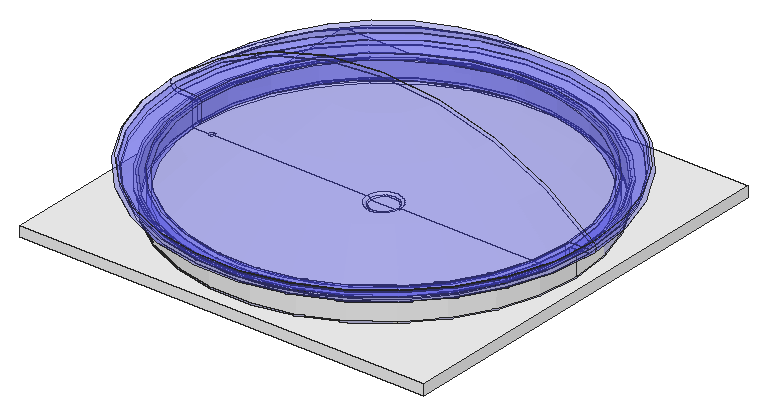
Revit family "BE_50020P_de_DE", category Leuchten, Revit 2020
Family settings
  Basisbauteil = Fläche
  Bemaßung runder Anschluss = Durchmesser verwenden
  Teiletyp = Normal
  Beim Laden mit Abzugskörper schneiden = Ja
  Lichtquelle = Ja
  Gemeinsam genutzt = Nein
  Raumberechnungspunkt = Ja
Parameters (values of type "BEGA_50020P_K3")
  built-in parameter 1150104 = 11.669 (stored number, unit not read)
  Wattage = 43.5 W
  Default Elevation = 0 mm
  built-in parameter 1150113 = 1 (stored number, unit not read)
  built-in parameter 1114218 = 1 (stored number, unit not read)
  Umgebungstemperatur = "25 °C"
  URL = "https://www.bega.com/de/produkt/50020P"
  Typenkommentare = "© 2022 BEGA. Wir behalten uns das Recht vor, technische Änderungen ohne vorherige Ankündigung vorzunehmen."  # constant formula
  built-in parameter 1150134 = (empty or 0)
  built-in parameter 1150109 = 1 (stored number, unit not read)
  Strom = ""
  built-in parameter 1150110 = 1 (stored number, unit not read)
  Spannung = 230 V
  Sonderanfertigung = no
  Seriennummer [instance] = "Hier können Sie die eindeutige Seriennummer für das Facility Management eintragen."
  Schutzklasse = "I"
  Schutzart = "IP 20"
  Scheinlast = 0 VA
  Produktdatenblatt = "http://www.bega.de/download/Xrfa/db/50020P.db.de.pdf"
  Oberflächentemperatur = ""
  Neigungswinkel = 0.00°
  Model = "50020PK2"
  Material_17 = BEGA_Reflektor
  Material_15 = BEGA_Leuchtmedium_matt
  Material_14 = BEGA_Kunststoff_opal
  Material_11 = BEGA_Glas_opal
  Material_09 = BEGA_Glas_klar
  Material_06 = BEGA_Oberfläche_Edelstahl_gebürstet
  Material_03 = BEGA_Oberfläche_Weiss_matt
  Material_02 = BEGA_Oberfläche_Silber_matt
  Material_01 [instance] = BEGA_Oberfläche_Grafit_matt
  M_W = no
  M_G = no
  M_A = no
  Logo = 0
  built-in parameter 1114217 = 1 (stored number, unit not read)
  built-in parameter 1150139 = (empty or 0)
  built-in parameter 1150105 = 434.78 (stored number, unit not read)
  built-in parameter 1150114 = 1 (stored number, unit not read)
  Lumens = 5463.6 lm
  built-in parameter 1150115 = 1 (stored number, unit not read)
  Leuchtenlichtstrom = "4118 lm"
  Leuchtenanzahl = ""
  Lebensdauerkriterien = "L70B50 @ 25 °C = 107000 h"
  Lastklassifizierung = Beleuchtung
  built-in parameter 1150112 = 1 (stored number, unit not read)
  Lampenlichtstrom = "5465 lm"
  Lamp = "LED 43.5 W"
  LED_Modulbezeichnung = "LED-0630/927"
  Hersteller = "BEGA"  # constant formula
  Halbstreuwinkel = ""
  Gewicht = "3.0 kg"
  Gebrauchslageneinschränkung [instance] = ""
  Frequenz = "50 Hz"
  Farbwiedergabeindex = "CRI > 90"
  Farbtemperaturverschiebung bei Dämpfen der Lampe = <Keine Auswahl>
  Farbtemperatur = "2700 K"
  Color Filter = 16777215
  built-in parameter 1150133 = 10 (stored number, unit not read)
  Energieeffizienzklasse = "LED A++ - A"
  built-in parameter 1150137 = (empty or 0)
  built-in parameter 1150132 = (empty or 0)
  ENEC = ""
  Dimmbar [instance] = ""
  Photometric Web File = "BE_50020PK2.IES"
  CE_Konformität = "ja"
  Bestellnummer = "50020PK2"
  Beschreibung_Sonderanfertigung = "Hier können Sie Informationen zur Sonderanfertigung eintragen."
  Beschreibung = "Decken- und Wandleuchte"
  built-in parameter 1150106 = 4.3478 (stored number, unit not read)
  Befestigungsbohrung = "Ø 6 mm"
  Befestigungsabstand = "340 mm"
  Ballwurfsicher = ""
  BEGA_Intern_aus = yes
  BEGA_Intern_an = yes
  BEGA_Intern_Konstruktion = yes
  BEGA_Intern = yes
  BEGA_IES = yes
  BEGA_Dummy = no
  Anschlussleitung = ""
  Anschlussleistung [instance] = "49.7 W"
  Anschlusskasten = ""
  built-in parameter 1150107 = 2700 (stored number, unit not read)
  built-in parameter 1150102 = (empty or 0)
  built-in parameter 1150138 = (empty or 0)
  Aktualisierung = "2020-07-28T04:00:13"
  Abstand_zur_angestrahlten_Fläche [instance] = ""
  AC/DC = "AC"
Types (3, lengths in mm): name | built-in parameter 1150104 | built-in parameter 1150134 | Model | built-in parameter 1150105 | Lumens | Leuchtenlichtstrom | Lampenlichtstrom | LED_Modulbezeichnung | Farbtemperatur | Photometric Web File | Bestellnummer | built-in parameter 1150106 | built-in parameter 1150107
  BEGA_50020P_K3 | 11.762 (stored number, unit not read) | (empty or 0) | "50020PK3" | 1594.3 (stored number, unit not read) | 5507.1 lm | "4850 lm" | "6435 lm" | "LED-0630/930" | "3000 K" | "BE_50020PK3.IES" | "50020PK3" | 15.943 (stored number, unit not read) | 3000 (stored number, unit not read)
  BEGA_50020P_K4 | 12.18 (stored number, unit not read) | 12 | "50020PK4" | 1650.8 (stored number, unit not read) | 5702.85 lm | "4850 lm" | "6435 lm" | "LED-0630/930" | "4000 K" | "BE_50020PK4.IES" | "50020PK4" | 16.508 (stored number, unit not read) | 4000 (stored number, unit not read)
  BEGA_50020P_K27 | 12.18 (stored number, unit not read) | 12 | "50020PK27" | 1650.8 (stored number, unit not read) | 5702.85 lm | "4691 lm" | "6225 lm" | "LED-0630/927" | "2700 K" | "BE_50020PK27.IES" | "50020PK27" | 16.508 (stored number, unit not read) | 4000 (stored number, unit not read)
Reference planes
  plane 1 "Mitte (Vorne/Hinten)": y = 0
  plane 2: z = 0
  plane 3 "Mitte (Links/Rechts)": x = 0
  plane 4 "Links": x = -210.263
  plane 5 "Rechts": x = 210.263
  plane 6 "Unten": y = -210.3
  plane 7 "Oben": y = 210.3
  plane 8 "Vorne": z = 117.8
  plane 9 "Hinten": z = 0
Forms (mm)
  Extrusion 1, solid, material "BEGA_Platte_Weiss"
    sketch origin (0, -1119.2, 0) x (1, 0, 0) y (0, 1, 0)
      loop
        line (-200, 1319.2) -> (-200, 919.2) -> (200, 919.2) -> (200, 1319.2) -> (-200, 1319.2)
    from 0 to -10
  Extrusion 2, solid, material "BEGA_Dummy_matt", visible <- "BEGA_Dummy"
    sketch origin (77.149, -76.023, 0) x (1, 0, 0) y (0, 1, 0)
      loop
        circle (-77.149, 76.023) r 210
    from 0 to 117.8
Dimensions and locks
  plane 1 "Mitte (Vorne/Hinten)" to Extrusion 1 = 200 mm
  aligned and locked: plane 2 to Extrusion 1
  aligned and locked: level to Extrusion 1
Nested families
  nested 1: "BE_50020P" at (0, 0, 0) x (0, -1, 0) z (0, 0, 1), type "BE_50020P"
Connectors
  electrical at (0, 0, 0), driven by "Lastklassifizierung", driven by "Spannung", driven by "Scheinlast"
    settings: index 1, voltage 230 V, apparent load 0 VA, apparent load phase1 0 VA, apparent load phase2 0 VA, apparent load phase3 0 VA, power factor 1, load classification "Beleuchtung", number of poles 1, system type 31, power factor state 1, is connector primary yes, connector utility no, sub classification motor no, connector description ""
Definition of nested family "BE_50020P"
  Parameters (values of type "BE_50020P")
    Default Elevation = 1 mm
    URL = "http://www.bega.de/de/produkt"
    Type Comments = "© 2015 BEGA. Wir behalten uns das Recht vor, technische Änderungen ohne vorherige Ankündigung vorzunehmen. "  # constant formula
    Type Image = (empty or 0)
    Neigungswinkel_um_Z2 = 0.00°
    Neigungswinkel_um_Z1 = 0.00°
    Neigungswinkel_um_Y2 = 0.00°
    Neigungswinkel_um_Y1 = 0.00°
    Neigungswinkel_um_X2 = 0.00°
    Neigungswinkel_um_X1 = 0.00°
    Material_17 = none
    Material_15 = none
    Material_14 = none
    Material_11 = none
    Material_09 = none
    Material_06 = none
    Material_05 = none
    Material_03 = none
    Material_02 = none
    Material_01 = none
    M_W = yes
    M_G = yes
    M_A = yes
    Länge_Platte = 600 mm  # constant formula
    Höhe_Platte = -10 mm  # constant formula
    Manufacturer = "BEGA"  # constant formula
    Drehwinkel_um_Z2 = 0.00°
    Drehwinkel_um_Z1 = 0.00°
    Breite_Platte = 600 mm  # constant formula
  Reference planes
    plane 1 "Mitte (Oben/Unten)": y = 0
    plane 2: z = 0
    plane 3 "Mitte (Links/Rechts)": x = 0
    plane 4: y = 210.263
    plane 5: z = 117.8
    plane 6: y = -210.263
    plane 7: x = -210.3
    plane 8: x = 210.3
  Forms (mm)
    Extrusion 1, solid, detail levels medium
      sketch origin (0, 0, 0) x (1, 0, 0) y (0, 1, 0)
        loop
          line (-300, 300) -> (-300, -300) -> (300, -300) -> (300, 300) -> (-300, 300)
      from 0 to -10 <- "Höhe_Platte"
    Revolve 2, solid, material <- "Material_03", detail levels medium+fine
      sketch origin (0, 0, 0) x (0, 1, 0) y (0, 0, 1)
        loop
          line (188.667, 3.3) -> (16.416, 3.3)
          arc (16.416, 3.3) -> (15.106, 2.926) -> (14.186, 1.92) r 2.5
          arc (14.186, 1.92) -> (13.635, 1.322) -> (12.852, 1.1) r 1.5
          line (12.852, 1.1) -> (0.002, 1.1) -> (0.002, 0.1) -> (13.084, 0.1)
          arc (13.084, 0.1) -> (14.394, 0.474) -> (15.313, 1.48) r 2.5
          arc (15.313, 1.48) -> (15.866, 2.078) -> (16.65, 2.3) r 1.5
          line (16.65, 2.3) -> (188.667, 2.3)
          arc (188.667, 2.3) -> (190.064, 2.868) -> (190.667, 4.25) r 2
          line (190.667, 4.25) -> (191.038, 25.509)
          arc (191.038, 25.509) -> (191.277, 26.071) -> (191.842, 26.3) r 0.8
          line (191.842, 26.3) -> (194, 26.3) -> (194, 27.3) -> (191.844, 27.3)
          arc (191.844, 27.3) -> (190.578, 26.786) -> (190.038, 25.531) r 1.8
          line (190.038, 25.531) -> (189.667, 4.275)
          arc (189.667, 4.275) -> (189.365, 3.584) -> (188.667, 3.3) r 1
        axis (0, 0.1) -> (0, 27.3)
      angle from 0 to 360
    Extrusion 3, void
      sketch origin (0, 0, 0) x (1, 0, 0) y (0, 1, 0)
        loop
          circle (163, 18) r 8.5
        loop
          circle (0, -170) r 2.75
        loop
          circle (163, -18) r 8.5
        loop
          circle (0, 170) r 2.75
      from 1.096 to 7.205
    Revolve 4, solid, material <- "Material_14", detail levels medium+fine
      sketch origin (0, 0, 0) x (0, 1, 0) y (0, 0, 1)
        loop
          line (0, 117.8) -> (0, 113.8)
          arc (0, 113.8) -> (109.34, 94.281) -> (205.171, 38.134) r 315.999
          arc (205.171, 38.134) -> (206.112, 34.88) -> (203.42, 32.823) r 3
          line (203.42, 32.823) -> (183.692, 31.789)
          arc (183.692, 31.789) -> (181.07, 30.581) -> (180, 27.899) r 3.895
          line (180, 27.899) -> (180, 10.3) -> (184, 10.3) -> (184, 26.851)
          arc (184, 26.851) -> (184.275, 27.539) -> (184.948, 27.85) r 1
          line (184.948, 27.85) -> (203.629, 28.829)
          arc (203.629, 28.829) -> (209.896, 33.581) -> (207.79, 41.158) r 7
          arc (207.79, 41.158) -> (110.737, 98.029) -> (0, 117.8) r 319.999
        axis (0, 117.8) -> (0, 10.3)
      angle from 0 to 360
    Revolve 5, solid, material <- "Material_03", detail levels medium+fine
      sketch origin (87.5, 0, 0) x (0, 1, 0) y (0, 0, 1)
        loop
          line (151.554, 0) -> (151.554, 2.614) -> (145.865, 2.614)
          arc (145.865, 2.614) -> (148.424, 0.685) -> (151.554, 0) r 7.5
        axis (151.554, 0) -> (151.554, 2.614)
      angle from 0 to 360
    Revolve 6, solid, material <- "Material_03", detail levels medium+fine
      sketch origin (-43.752, -75.774, 0) x (0.866025, -0.5, 0) y (0, 0, 1)
        loop
          line (151.554, 0) -> (151.554, 2.614) -> (145.865, 2.614)
          arc (145.865, 2.614) -> (148.424, 0.685) -> (151.554, 0) r 7.5
        axis (151.554, 0) -> (151.554, 2.614)
      angle from 0 to 360
    Revolve 7, solid, material <- "Material_03", detail levels medium+fine
      sketch origin (-43.748, 75.781, 0) x (-0.866025, -0.5, 0) y (0, 0, 1)
        loop
          line (151.554, 0) -> (151.554, 2.614) -> (145.865, 2.614)
          arc (145.865, 2.614) -> (148.424, 0.685) -> (151.554, 0) r 7.5
        axis (151.554, 0) -> (151.554, 2.614)
      angle from 0 to 360
  Cuts and joins
    Extrusion 3 cuts Revolve 2
    joined: Revolve 2, Revolve 5, Revolve 6, Revolve 7
  Dimensions and locks
    equal spacing: Extrusion 1 sketch curve, plane 3 "Mitte (Links/Rechts)", Extrusion 1 sketch curve
    equal spacing: Extrusion 1 sketch curve, plane 1 "Mitte (Oben/Unten)", Extrusion 1 sketch curve
    "Länge_Platte": Extrusion 1 sketch curve to Extrusion 1 sketch curve
    "Breite_Platte": Extrusion 1 sketch curve to Extrusion 1 sketch curve
    aligned and locked: Extrusion 1 to plane 2
    aligned and locked: level to Extrusion 1
  Automatic sketch dimensions
    Revolve 2 sketch curve to Revolve 2 sketch curve = 0 mm  (x11)
    Revolve 2 sketch curve to plane 1 "Mitte (Oben/Unten)" = 0 mm
    Revolve 2 sketch curve to plane 1 "Mitte (Oben/Unten)" = 0.002 mm
    level to Revolve 2 sketch curve = 2.6 mm
    Revolve 2 sketch curve to plane 1 "Mitte (Oben/Unten)" = 12.849 mm
    Revolve 2 sketch curve to Revolve 2 sketch curve = 0.003 mm
    Revolve 2 sketch curve to Revolve 2 sketch curve = 0.229 mm  (x2)
    level to Revolve 2 sketch curve = 0.1 mm
    Revolve 2 sketch curve to Revolve 2 sketch curve = 0.232 mm
    Revolve 2 sketch curve to Revolve 2 sketch curve = 3.338 mm
    level to Revolve 2 sketch curve = 0.8 mm
    Revolve 2 sketch curve to Revolve 2 sketch curve = 0.005 mm
    level to Revolve 2 sketch curve = 4.3 mm
    level to Revolve 2 sketch curve = 4.275 mm
    Revolve 2 sketch curve to Revolve 2 sketch curve = 1 mm  (x6)
    level to Revolve 2 sketch curve = 4.25 mm
    Revolve 2 sketch curve to Revolve 2 sketch curve = 0.8 mm
    Revolve 2 sketch curve to Revolve 2 sketch curve = 0.004 mm
    Revolve 2 sketch curve to Revolve 2 sketch curve = 0.002 mm
    Revolve 2 sketch curve to Revolve 2 sketch curve = 2.156 mm
    Revolve 2 sketch curve to Revolve 2 sketch curve = 21.25 mm
    Revolve 2 sketch curve to Revolve 2 sketch curve = 0.009 mm
    Revolve 2 sketch curve to Revolve 2 sketch curve = 0.025 mm
    Revolve 2 sketch curve to Revolve 2 sketch curve = 6.2 mm
    Revolve 5 sketch curve to Revolve 5 sketch curve = 5.69 mm
    Revolve 5 sketch curve to Revolve 5 sketch curve = 0 mm  (x3)
    Revolve 5 sketch curve to Revolve 5 sketch curve = 1.154 mm
    Revolve 5 sketch curve to Revolve 5 sketch curve = 2.614 mm
    Revolve 6 sketch curve to Revolve 6 sketch curve = 5.69 mm
    Revolve 6 sketch curve to Revolve 6 sketch curve = 0 mm  (x3)
    Revolve 6 sketch curve to Revolve 6 sketch curve = 1.154 mm
    Revolve 6 sketch curve to Revolve 6 sketch curve = 2.614 mm
    Revolve 7 sketch curve to Revolve 7 sketch curve = 5.69 mm
    Revolve 7 sketch curve to Revolve 7 sketch curve = 0 mm  (x3)
    Revolve 7 sketch curve to Revolve 7 sketch curve = 1.154 mm
    Revolve 7 sketch curve to Revolve 7 sketch curve = 2.614 mm
    Revolve 5 sketch curve to level = 0 mm
    Revolve 6 sketch curve to level = 0 mm
    level to Revolve 7 sketch curve = 0 mm
    Extrusion 3 sketch curve to plane 3 "Mitte (Links/Rechts)" = 0 mm  (x2)
    plane 1 "Mitte (Oben/Unten)" to Extrusion 3 sketch curve = 18 mm
    Extrusion 3 sketch curve to plane 1 "Mitte (Oben/Unten)" = 18 mm
    Revolve 4 sketch curve to Revolve 4 sketch curve = 0 mm  (x9)
    Revolve 4 sketch curve to plane 1 "Mitte (Oben/Unten)" = 0 mm  (x2)
    plane 1 "Mitte (Oben/Unten)" to Revolve 4 sketch curve = 0 mm
    Revolve 4 sketch curve to plane 1 "Mitte (Oben/Unten)" = 0.001 mm
    Revolve 4 sketch curve to Revolve 4 sketch curve = 3.692 mm
    Revolve 4 sketch curve to Revolve 4 sketch curve = 0.204 mm
    Revolve 4 sketch curve to Revolve 4 sketch curve = 4 mm  (x2)
    Revolve 4 sketch curve to Revolve 4 sketch curve = 1 mm
    Revolve 4 sketch curve to Revolve 4 sketch curve = 19.572 mm
    Revolve 4 sketch curve to level = 202.199 mm
    Revolve 4 sketch curve to Revolve 4 sketch curve = 0.001 mm
    level to Revolve 4 sketch curve = 10.3 mm
    Revolve 4 sketch curve to Revolve 4 sketch curve = 16.551 mm
    Revolve 4 sketch curve to Revolve 4 sketch curve = 1.048 mm
    Revolve 4 sketch curve to Revolve 4 sketch curve = 4.03 mm
    Revolve 4 sketch curve to Revolve 4 sketch curve = 0.052 mm
    Revolve 4 sketch curve to Revolve 4 sketch curve = 0.157 mm
    Revolve 4 sketch curve to Revolve 4 sketch curve = 0.209 mm
    Revolve 4 sketch curve to Revolve 4 sketch curve = 1.908 mm
    Revolve 4 sketch curve to Revolve 4 sketch curve = 2.619 mm
    Revolve 2 sketch curve to Revolve 2 sketch curve = 172.018 mm
    Revolve 2 sketch curve to Revolve 2 sketch curve = 0.371 mm
    Extrusion 3 sketch curve to plane 1 "Mitte (Oben/Unten)" = 170 mm
    Revolve 4 sketch curve to plane 1 "Mitte (Oben/Unten)" = 180 mm
    Revolve 5 sketch curve to plane 1 "Mitte (Oben/Unten)" = 145.865 mm
    plane 1 "Mitte (Oben/Unten)" to Extrusion 3 sketch curve = 170 mm
    level to Revolve 4 sketch curve = 113.8 mm
    Revolve 4 sketch curve to Revolve 4 sketch curve = 45.47 mm
    plane 3 "Mitte (Links/Rechts)" to Extrusion 3 sketch curve = 163 mm
    Extrusion 3 sketch curve to Extrusion 3 sketch curve = 0 mm
    radius of Extrusion 3 sketch curve = 8.5 mm  (x2)
    radius of Extrusion 3 sketch curve = 2.75 mm  (x2)
